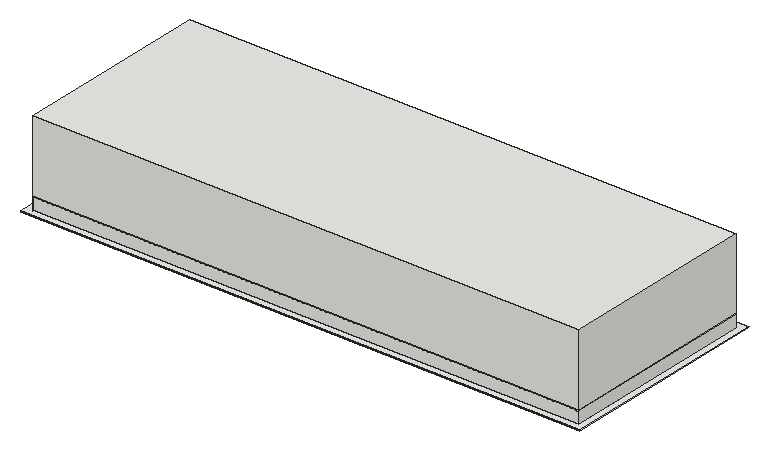
Revit family "AIRTECNICS_AIR CURTAIN_RECESSED WINDBOX_MG_ELECTRICAL HEATED (E)", category Mechanical Equipment, Revit 2016 (continued)
Definition of nested family "GEOM_WINDBOX_RECESSED"
  Automatic sketch dimensions
    Extrusion 5 sketch curve to plane 3 "Centro (Izquierda/Derecha)" = 0.0 mm
    Extrusion 5 sketch curve to plane 11 = 0.0 mm
    plane 1 "Centro (Frontal/Posterior)" to Extrusion 21 sketch curve = 4.0 mm
    Extrusion 21 sketch curve to plane 11 = 42.0 mm
    Extrusion 23 sketch curve to plane 11 = 43.471 mm
    plane 20 to Extrusion 23 sketch curve = 0.496 mm
    Extrusion 24 sketch curve to plane 11 = 43.471 mm
    plane 20 to Extrusion 24 sketch curve = 0.496 mm
    Extrusion 16 sketch curve to plane 7 = 25.0 mm
Types (16, lengths in mm): name | Weight | Product Size | Product Reference | Product Description | Power Fans Factor | Power Fans | Noise Level (dB(A)) | M | Length | G | Electrical Heating Capacity (kW) | Electrical + Current Fans | EC | Current Fans | L | CT | CM | Airflow | 3rd Phase | 2nd Phase | 1st Phase
  WINDBOX RM 2500 E | 162.00 kg | "2500" | "RM 2500 E" | "Self-supporting casing construction made of galvanized steel plate, ready to be installed recessed in a false ceiling. \r\nInlet grille (free of maintenance) made with aluminium profiles and blow-out nozzle, integrated in a single white frame colour RAL 9016. Other colours are available on request. \r\nAnodized aluminium outlet vanes, airfoil shaped, adjustable in both directions.\r\nDouble-inlet centrifugal fans driven by an external rotor motor and low noise level. 5-speed selector. \r\n“E” type with electrical shielded elements, three stages with integrated regulation. \r\nIncludes Plug&Play control with 7m RJ45 cable and infrared remote control. Optional: Clever control (programmable, automatic, intelligent, energy saving, Modbus RTU for BMS…)\r\nAir Volume: 4500 m3/h \r\nFans:  0,53 kW  2,35 A 230Vx1 50Hz\r\nHeating power: 6/12/18 kW (400Vx3)\r\nDimensions: 770x310x2550 mm (depth, height, length)" | 0.98 | 0.53 kW | 58 | yes | 2500.0 | no | "6/12/18" | 28.33 A | no | 2.35 A | 2500.0 | 16 | 2 | 4500 m³/h | 6000 VA | 6000 VA | 6530 VA
  WINDBOX RM 2000 E | 130.00 kg | "2000" | "RM 2000 E" | "Self-supporting casing construction made of galvanized steel plate, ready to be installed recessed in a false ceiling. \r\nInlet grille (free of maintenance) made with aluminium profiles and blow-out nozzle, integrated in a single white frame colour RAL 9016. Other colours are available on request. \r\nAnodized aluminium outlet vanes, airfoil shaped, adjustable in both directions.\r\nDouble-inlet centrifugal fans driven by an external rotor motor and low noise level. 5-speed selector. \r\n“E” type with electrical shielded elements, three stages with integrated regulation. \r\nIncludes Plug&Play control with 7m RJ45 cable and infrared remote control. Optional: Clever control (programmable, automatic, intelligent, energy saving, Modbus RTU for BMS…)\r\nAir Volume: 3600 m3/h \r\nFans:  0,424 kW  1,88 A 230Vx1 50Hz\r\nHeating power: 6/12/18 kW (400Vx3)\r\nDimensions: 770x310x2050 mm (depth, height, length)" | 0.98 | 0.424 kW | 57 | yes | 2000.0 | no | "6/12/18" | 27.86 A | no | 1.88 A | 2000.0 | 8 | 2 | 3600 m³/h | 6000 VA | 6000 VA | 6424 VA
  WINDBOX RM 1500 E | 98.00 kg | "1500" | "RM 1500 E" | "Self-supporting casing construction made of galvanized steel plate, ready to be installed recessed in a false ceiling. \r\nInlet grille (free of maintenance) made with aluminium profiles and blow-out nozzle, integrated in a single white frame colour RAL 9016. Other colours are available on request. \r\nAnodized aluminium outlet vanes, airfoil shaped, adjustable in both directions.\r\nDouble-inlet centrifugal fans driven by an external rotor motor and low noise level. 5-speed selector. \r\n“E” type with electrical shielded elements, three stages with integrated regulation. \r\nIncludes Plug&Play control with 7m RJ45 cable and infrared remote control. Optional: Clever control (programmable, automatic, intelligent, energy saving, Modbus RTU for BMS…)\r\nAir Volume: 2700 m3/h \r\nFans:  0,318 kW  1,41 A 230Vx1 50Hz\r\nHeating power: 4/8/12 kW (400Vx3)\r\nDimensions: 770x310x1550 mm (depth, height, length)" | 0.98 | 0.318 kW | 56 | yes | 1500.0 | no | "4/8/12" | 18.73 A | no | 1.41 A | 1500.0 | 4 | 2 | 2700 m³/h | 4000 VA | 4000 VA | 4318 VA
  WINDBOX RM 1000 E | 65.00 kg | "1000" | "RM 1000 E" | "Self-supporting casing construction made of galvanized steel plate, ready to be installed recessed in a false ceiling. \r\nInlet grille (free of maintenance) made with aluminium profiles and blow-out nozzle, integrated in a single white frame colour RAL 9016. Other colours are available on request. \r\nAnodized aluminium outlet vanes, airfoil shaped, adjustable in both directions.\r\nDouble-inlet centrifugal fans driven by an external rotor motor and low noise level. 5-speed selector. \r\n“E” type with electrical shielded elements, three stages with integrated regulation. \r\nIncludes Plug&Play control with 7m RJ45 cable and infrared remote control. Optional: Clever control (programmable, automatic, intelligent, energy saving, Modbus RTU for BMS…)\r\nAir Volume: 1800 m3/h \r\nFans:  0,212 kW  0,94 A 230Vx1 50Hz\r\nHeating power: 3/6/9 kW (400Vx3)\r\nDimensions: 770x310x1050 mm (depth, height, length)" | 0.98 | 0.212 kW | 55 | yes | 1000.0 | no | "3/6/9" | 13.93 A | no | 0.94 A | 1000.0 | 2 | 2 | 1800 m³/h | 3000 VA | 3000 VA | 3212 VA
  WINDBOX RG 2500 E | 172.00 kg | "2500" | "RG 2500 E" | "Self-supporting casing construction made of galvanized steel plate, ready to be installed recessed in a false ceiling. \r\nInlet grille (free of maintenance) made with aluminium profiles and blow-out nozzle, integrated in a single white frame colour RAL 9016. Other colours are available on request. \r\nAnodized aluminium outlet vanes, airfoil shaped, adjustable in both directions.\r\nDouble-inlet centrifugal fans driven by an external rotor motor and low noise level. 5-speed selector. \r\n“E” type with electrical shielded elements, three stages with integrated regulation. \r\nIncludes Plug&Play control with 7m RJ45 cable and infrared remote control. Optional: Clever control (programmable, automatic, intelligent, energy saving, Modbus RTU for BMS…)\r\nAir Volume: 5600 m3/h \r\nFans:  1,498 kW  6,65 A 230Vx1 50Hz\r\nHeating power: 10/20/30 kW (400Vx3)\r\nDimensions: 770x310x2550 mm (depth, height, length)" | 0.98 | 1.498 kW | 60 | no | 2500.0 | yes | "10/20/30" | 49.95 A | no | 6.65 A | 2500.0 | 16 | 8 | 5600 m³/h | 10000 VA | 10000 VA | 11498 VA
  WINDBOX RG 2000 E | 140.00 kg | "2000" | "RG 2000 E" | "Self-supporting casing construction made of galvanized steel plate, ready to be installed recessed in a false ceiling. \r\nInlet grille (free of maintenance) made with aluminium profiles and blow-out nozzle, integrated in a single white frame colour RAL 9016. Other colours are available on request. \r\nAnodized aluminium outlet vanes, airfoil shaped, adjustable in both directions.\r\nDouble-inlet centrifugal fans driven by an external rotor motor and low noise level. 5-speed selector. \r\n“E” type with electrical shielded elements, three stages with integrated regulation. \r\nIncludes Plug&Play control with 7m RJ45 cable and infrared remote control. Optional: Clever control (programmable, automatic, intelligent, energy saving, Modbus RTU for BMS…)\r\nAir Volume: 4800 m3/h \r\nFans:  1,284 kW  5,7 A 230Vx1 50Hz\r\nHeating power: 10/20/30 kW (400Vx3)\r\nDimensions: 770x310x2050 mm (depth, height, length)" | 0.98 | 1.284 kW | 59 | no | 2000.0 | yes | "10/20/30" | 49 A | no | 5.7 A | 2000.0 | 8 | 8 | 4800 m³/h | 10000 VA | 10000 VA | 11284 VA
  WINDBOX RG 1500 E | 104.00 kg | "1500" | "RG 1500 E" | "Self-supporting casing construction made of galvanized steel plate, ready to be installed recessed in a false ceiling. \r\nInlet grille (free of maintenance) made with aluminium profiles and blow-out nozzle, integrated in a single white frame colour RAL 9016. Other colours are available on request. \r\nAnodized aluminium outlet vanes, airfoil shaped, adjustable in both directions.\r\nDouble-inlet centrifugal fans driven by an external rotor motor and low noise level. 5-speed selector. \r\n“E” type with electrical shielded elements, three stages with integrated regulation. \r\nIncludes Plug&Play control with 7m RJ45 cable and infrared remote control. Optional: Clever control (programmable, automatic, intelligent, energy saving, Modbus RTU for BMS…)\r\nAir Volume: 3200 m3/h \r\nFans:  0,856 kW  3,8 A 230Vx1 50Hz\r\nHeating power: 7,5/15/22,5 kW (400Vx3)\r\nDimensions: 770x310x1550 mm (depth, height, length)" | 0.98 | 0.856 kW | 58 | no | 1500.0 | yes | "7,5/15/22,5" | 36.28 A | no | 3.8 A | 1500.0 | 4 | 8 | 3200 m³/h | 7500 VA | 7500 VA | 8356 VA
  WINDBOX RG 1000 E | 70.00 kg | "1000" | "RG 1000 E" | "Self-supporting casing construction made of galvanized steel plate, ready to be installed recessed in a false ceiling. \r\nInlet grille (free of maintenance) made with aluminium profiles and blow-out nozzle, integrated in a single white frame colour RAL 9016. Other colours are available on request. \r\nAnodized aluminium outlet vanes, airfoil shaped, adjustable in both directions.\r\nDouble-inlet centrifugal fans driven by an external rotor motor and low noise level. 5-speed selector. \r\n“E” type with electrical shielded elements, three stages with integrated regulation. \r\nIncludes Plug&Play control with 7m RJ45 cable and infrared remote control. Optional: Clever control (programmable, automatic, intelligent, energy saving, Modbus RTU for BMS…)\r\nAir Volume: 2400 m3/h \r\nFans:  0,642 kW  2,85 A 230Vx1 50Hz\r\nHeating power: 5/10/15 kW (400Vx3)\r\nDimensions: 770x310x1050 mm (depth, height, length)" | 0.98 | 0.642 kW | 57 | no | 1000.0 | yes | "5/10/15" | 24.5 A | no | 2.85 A | 1000.0 | 2 | 8 | 2400 m³/h | 5000 VA | 5000 VA | 5642 VA
  WINDBOX RECM 2500 E | 162.00 kg | "2500" | "RECM 2500 E" | "Self-supporting casing construction made of galvanized steel plate, ready to be installed recessed in a false ceiling. \r\nInlet grille (free of maintenance) made with aluminium profiles and blow-out nozzle, integrated in a single white frame colour RAL 9016. Other colours are available on request. \r\nAnodized aluminium outlet vanes, airfoil shaped, adjustable in both directions.\r\nDouble-inlet centrifugal fans driven by an external rotor motor and low noise level. 5-speed selector. EC models assembled with very low consumption efficiency fans. \r\n“E” type with electrical shielded elements, three stages with integrated regulation. \r\nIncludes Plug&Play control with 7m RJ45 cable and infrared remote control. Optional: Clever control (programmable, automatic, intelligent, energy saving, Modbus RTU for BMS…)\r\nAir Volume: 4600 m3/h \r\nFans:  0,355 kW  3,1 A 230Vx1 50/60Hz\r\nHeating power: 6/12/18 kW (400Vx3)\r\nDimensions: 770x310x2550 mm (depth, height, length)" | 0.5 | 0.355 kW | 59 | yes | 2500.0 | no | "6/12/18" | 29.23 A | yes | 3.1 A | 2500.0 | 16 | 6 | 4600 m³/h | 6000 VA | 6000 VA | 6365 VA
  WINDBOX RECM 2000 E | 130.00 kg | "2000" | "RECM 2000 E" | "Self-supporting casing construction made of galvanized steel plate, ready to be installed recessed in a false ceiling. \r\nInlet grille (free of maintenance) made with aluminium profiles and blow-out nozzle, integrated in a single white frame colour RAL 9016. Other colours are available on request. \r\nAnodized aluminium outlet vanes, airfoil shaped, adjustable in both directions.\r\nDouble-inlet centrifugal fans driven by an external rotor motor and low noise level. 5-speed selector. EC models assembled with very low consumption efficiency fans. \r\n“E” type with electrical shielded elements, three stages with integrated regulation. \r\nIncludes Plug&Play control with 7m RJ45 cable and infrared remote control. Optional: Clever control (programmable, automatic, intelligent, energy saving, Modbus RTU for BMS…)\r\nAir Volume: 3680 m3/h \r\nFans:  0,284 kW  2,48 A 230Vx1 50/60Hz\r\nHeating power: 6/12/18 kW (400Vx3)\r\nDimensions: 770x310x2050 mm (depth, height, length)" | 0.5 | 0.284 kW | 58 | yes | 2000.0 | no | "6/12/18" | 28.58 A | yes | 2.48 A | 2000.0 | 8 | 6 | 3680 m³/h | 6000 VA | 6000 VA | 6290 VA
  WINDBOX RECM 1500 E | 98.00 kg | "1500" | "RECM 1500 E" | "Self-supporting casing construction made of galvanized steel plate, ready to be installed recessed in a false ceiling. \r\nInlet grille (free of maintenance) made with aluminium profiles and blow-out nozzle, integrated in a single white frame colour RAL 9016. Other colours are available on request. \r\nAnodized aluminium outlet vanes, airfoil shaped, adjustable in both directions.\r\nDouble-inlet centrifugal fans driven by an external rotor motor and low noise level. 5-speed selector. EC models assembled with very low consumption efficiency fans. \r\n“E” type with electrical shielded elements, three stages with integrated regulation. \r\nIncludes Plug&Play control with 7m RJ45 cable and infrared remote control. Optional: Clever control (programmable, automatic, intelligent, energy saving, Modbus RTU for BMS…)\r\nAir Volume: 2760 m3/h \r\nFans:  0,213 kW  1,86 A 230Vx1 50/60Hz\r\nHeating power: 4/8/12 kW (400Vx3)\r\nDimensions: 770x310x1550 mm (depth, height, length)" | 0.5 | 0.213 kW | 57 | yes | 1500.0 | no | "4/8/12" | 19.27 A | yes | 1.86 A | 1500.0 | 4 | 6 | 2760 m³/h | 4000 VA | 4000 VA | 4218 VA
  WINDBOX RECM 1000 E | 65.00 kg | "1000" | "RECM 1000 E" | "Self-supporting casing construction made of galvanized steel plate, ready to be installed recessed in a false ceiling. \r\nInlet grille (free of maintenance) made with aluminium profiles and blow-out nozzle, integrated in a single white frame colour RAL 9016. Other colours are available on request. \r\nAnodized aluminium outlet vanes, airfoil shaped, adjustable in both directions.\r\nDouble-inlet centrifugal fans driven by an external rotor motor and low noise level. 5-speed selector. EC models assembled with very low consumption efficiency fans. \r\n“E” type with electrical shielded elements, three stages with integrated regulation. \r\nIncludes Plug&Play control with 7m RJ45 cable and infrared remote control. Optional: Clever control (programmable, automatic, intelligent, energy saving, Modbus RTU for BMS…)\r\nAir Volume: 1840 m3/h \r\nFans:  0,142 kW  1,24 A 230Vx1 50/60Hz\r\nHeating power: 3/6/9 kW (400Vx3)\r\nDimensions: 770x310x1050 mm (depth, height, length)" | 0.98 | 0.142 kW | 56 | yes | 1000.0 | no | "3/6/9" | 14.29 A | yes | 1.24 A | 1000.0 | 2 | 6 | 1840 m³/h | 3000 VA | 3000 VA | 3142 VA
  WINDBOX RECG 2500 E | 172.00 kg | "2500" | "RECG 2500 E" | "Self-supporting casing construction made of galvanized steel plate, ready to be installed recessed in a false ceiling. \r\nInlet grille (free of maintenance) made with aluminium profiles and blow-out nozzle, integrated in a single white frame colour RAL 9016. Other colours are available on request. \r\nAnodized aluminium outlet vanes, airfoil shaped, adjustable in both directions.\r\nDouble-inlet centrifugal fans driven by an external rotor motor and low noise level. 5-speed selector. EC models assembled with very low consumption efficiency fans. \r\n“E” type with electrical shielded elements, three stages with integrated regulation. \r\nIncludes Plug&Play control with 7m RJ45 cable and infrared remote control. Optional: Clever control (programmable, automatic, intelligent, energy saving, Modbus RTU for BMS…)\r\nAir Volume: 6300 m3/h \r\nFans:  0,497 kW  4,34 A 230Vx1 50/60Hz\r\nHeating power: 10/20/30 kW (400Vx3)\r\nDimensions: 770x310x2550 mm (depth, height, length)" | 0.5 | 0.497 kW | 64 | no | 2500.0 | yes | "10/20/30" | 47.85 A | yes | 4.34 A | 2500.0 | 16 | 12 | 6300 m³/h | 10000 VA | 10000 VA | 10509 VA
  WINDBOX RECG 2000 E | 140.00 kg | "2000" | "RECG 2000 E" | "Self-supporting casing construction made of galvanized steel plate, ready to be installed recessed in a false ceiling. \r\nInlet grille (free of maintenance) made with aluminium profiles and blow-out nozzle, integrated in a single white frame colour RAL 9016. Other colours are available on request. \r\nAnodized aluminium outlet vanes, airfoil shaped, adjustable in both directions.\r\nDouble-inlet centrifugal fans driven by an external rotor motor and low noise level. 5-speed selector. EC models assembled with very low consumption efficiency fans. \r\n“E” type with electrical shielded elements, three stages with integrated regulation. \r\nIncludes Plug&Play control with 7m RJ45 cable and infrared remote control. Optional: Clever control (programmable, automatic, intelligent, energy saving, Modbus RTU for BMS…)\r\nAir Volume: 5400 m3/h \r\nFans:  0,426 kW  3,72 A 230Vx1 50/60Hz\r\nHeating power: 10/20/30 kW (400Vx3)\r\nDimensions: 770x310x2050 mm (depth, height, length)" | 0.5 | 0.426 kW | 63 | no | 2000.0 | yes | "10/20/30" | 47.2 A | yes | 3.72 A | 2000.0 | 8 | 12 | 5400 m³/h | 10000 VA | 10000 VA | 10435 VA
  WINDBOX RECG 1500 E | 104.00 kg | "1500" | "RECG 1500 E" | "Self-supporting casing construction made of galvanized steel plate, ready to be installed recessed in a false ceiling. \r\nInlet grille (free of maintenance) made with aluminium profiles and blow-out nozzle, integrated in a single white frame colour RAL 9016. Other colours are available on request. \r\nAnodized aluminium outlet vanes, airfoil shaped, adjustable in both directions.\r\nDouble-inlet centrifugal fans driven by an external rotor motor and low noise level. 5-speed selector. EC models assembled with very low consumption efficiency fans. \r\n“E” type with electrical shielded elements, three stages with integrated regulation. \r\nIncludes Plug&Play control with 7m RJ45 cable and infrared remote control. Optional: Clever control (programmable, automatic, intelligent, energy saving, Modbus RTU for BMS…)\r\nAir Volume: 3600 m3/h \r\nFans:  0,284 kW  2,48 A 230Vx1 50/60Hz\r\nHeating power: 7,5/15/22,5 kW (400Vx3)\r\nDimensions: 770x310x1550 mm (depth, height, length)" | 0.5 | 0.284 kW | 62 | no | 1500.0 | yes | "7,5/15/22,5" | 35.08 A | yes | 2.48 A | 1500.0 | 4 | 12 | 3600 m³/h | 7500 VA | 7500 VA | 7789 VA
  WINDBOX RECG 1000 E | 70.00 kg | "1000" | "RECG 1000 E" | "Self-supporting casing construction made of galvanized steel plate, ready to be installed recessed in a false ceiling. \r\nInlet grille (free of maintenance) made with aluminium profiles and blow-out nozzle, integrated in a single white frame colour RAL 9016. Other colours are available on request. \r\nAnodized aluminium outlet vanes, airfoil shaped, adjustable in both directions.\r\nDouble-inlet centrifugal fans driven by an external rotor motor and low noise level. 5-speed selector. EC models assembled with very low consumption efficiency fans. \r\n“E” type with electrical shielded elements, three stages with integrated regulation. \r\nIncludes Plug&Play control with 7m RJ45 cable and infrared remote control. Optional: Clever control (programmable, automatic, intelligent, energy saving, Modbus RTU for BMS…)\r\nAir Volume: 2700 m3/h \r\nFans:  0,213 kW  1,86 A 230Vx1 50/60Hz\r\nHeating power: 5/10/15 kW (400Vx3)\r\nDimensions: 770x310x1050 mm (depth, height, length)" | 0.98 | 0.213 kW | 61 | no | 1000.0 | yes | "5/10/15" | 23.6 A | yes | 1.86 A | 1000.0 | 2 | 12 | 2700 m³/h | 5000 VA | 5000 VA | 5213 VA
